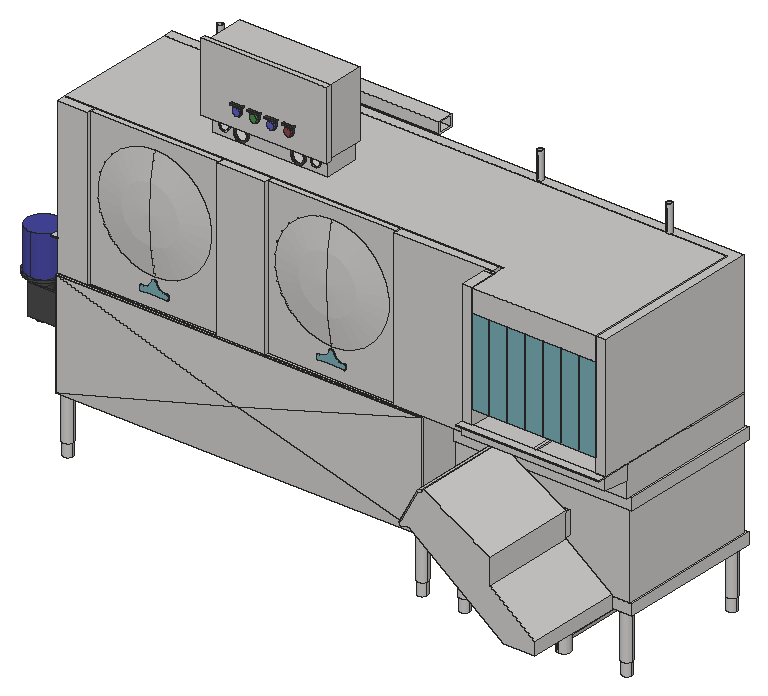
Revit family (continued)
Dimensions and locks (in)
  locked: plane 6 "FRONT" to plane 17 at 0.5
  locked: plane 3 "BACK" to plane 18 at 0.5
  locked: plane 19 to plane 2 "LEFT" at 0.25
  locked: plane 5 "Right of Main Body" to plane 20 at 0.25
  locked: plane 3 "BACK" to plane 21 at 1.625
  locked: plane 6 "FRONT" to plane 22 at 1.625
  equal spacing: plane 2 "LEFT", plane 23 "Door Center", plane 5 "Right of Main Body"
  "Single Door Opening": plane 24 to plane 25
  locked: plane 14 "Top of Machine" to plane 26 "Top of Opening" at 4
  locked: plane 23 "Door Center" to Blend 6 sketch curve at 0.03125  (x2)
  locked: Extrusion 9 sketch curve to plane 22 at 1.125
  locked: plane 27 to level at 2.25
  plane 19 to Extrusion 10 sketch curve = 0' - 1 1/4"
  plane 18 to Extrusion 10 sketch curve = 0' - 1 1/2"
  locked: plane 18 to Extrusion 11 sketch curve at 1.5
  locked: plane 19 to Extrusion 11 sketch curve at 1.25
  locked: plane 18 to Extrusion 12 sketch curve at 1.5
  locked: Extrusion 12 sketch curve to plane 20 at 1.25
  locked: Extrusion 13 sketch curve to plane 20 at 1.25
  locked: plane 18 to Extrusion 13 sketch curve at 1.5
  locked: Extrusion 16 sketch curve to plane 20 at 1.25
  locked: Extrusion 16 sketch curve to plane 17 at 1.5
  locked: Extrusion 17 sketch curve to plane 20 at 1.25
  locked: Extrusion 17 sketch curve to plane 17 at 1.5
  locked: Extrusion 14 sketch curve to plane 17 at 1.5
  locked: plane 19 to Extrusion 14 sketch curve at 1.25
  locked: Extrusion 15 sketch curve to plane 17 at 1.5
  locked: plane 19 to Extrusion 15 sketch curve at 1.25
  locked: plane 28 to plane 23 "Door Center" at 10
  locked: plane 28 to plane 29 at 20
  locked: plane 30 to plane 23 "Door Center" at 11
  locked: plane 30 to plane 31 at 22
  plane 32 "Front of Lower Panel" to plane 6 "FRONT" = 0' - 6 1/2"
  locked: plane 33 to plane 32 "Front of Lower Panel" at 6
  locked: plane 34 to plane 6 "FRONT" at 6
  locked: plane 35 "Back of Panel" to plane 34 at 7
  locked: plane 34 to plane 36 "Front of Upper Panel" at 1
  locked: plane 30 to plane 37 at 0.5
  locked: plane 38 to plane 31 at 0.5
  locked: Extrusion 22 sketch curve to plane 28 at 5
  locked: Extrusion 22 sketch curve to plane 14 "Top of Machine" at 1.5
  locked: Extrusion 23 sketch curve to plane 28 at 2
  locked: Extrusion 23 sketch curve to plane 14 "Top of Machine" at 1.75
  locked: Extrusion 26 sketch curve to plane 29 at 5
  locked: Extrusion 26 sketch curve to plane 14 "Top of Machine" at 1.5
  locked: Extrusion 27 sketch curve to plane 29 at 2
  locked: Extrusion 27 sketch curve to plane 14 "Top of Machine" at 1.75
  locked: Extrusion 36 sketch curve to plane 15 "Panel Top" at 4.12493
  locked: plane 10 "Left End Cowl" to plane 39 at 0.125
  locked: plane 40 to plane 11 at 3.875
  locked: plane 41 to plane 42 at 24.875
  locked: plane 42 to plane 6 "FRONT" at 0.0625
  plane 43 "Top of Vents" to plane 14 "Top of Machine" = 0' - 4"
  locked: Extrusion 41 sketch curve to plane 3 "BACK" at 0.75
  locked: plane 44 to plane 23 "Door Center" at 14.5
  locked: plane 44 to plane 45 at 29
  locked: plane 47 to plane 14 "Top of Machine" at 2
  locked: plane 46 to plane 3 "BACK" at 3
  Extrusion 44 sketch curve to plane 14 "Top of Machine" = 1' - 1"
  locked: plane 31 to Extrusion 44 sketch curve at 1
  Extrusion 45 sketch curve to plane 3 "BACK" = 0' - 3 1/2"
  locked: plane 48 to plane 3 "BACK" at 5
  locked: plane 49 to plane 14 "Top of Machine" at 29
  "Single Door Opening": plane 50 to plane 51
  locked: Extrusion 55 sketch curve to plane 3 "BACK" at 0.75
  locked: plane 2 "LEFT" to Extrusion 45 sketch curve at 5
  locked: plane 2 "LEFT" to Extrusion 41 sketch curve at 9
  locked: plane 39 to plane 40 at 2.9375
  plane 10 "Left End Cowl" to plane 2 "LEFT" = 0' - 10"
  locked: plane 2 "LEFT" to plane 24 at 5.25
  plane 51 to plane 5 "Right of Main Body" = 0' - 5 1/4"
  locked: plane 24 to plane 52 at 0.25
  locked: plane 53 to plane 25 at 0.125
  locked: plane 54 to plane 25 at 1.4375
  locked: plane 50 to plane 55 at 0.125
  locked: plane 50 to plane 56 at 1.4375
  locked: plane 57 to plane 51 at 0.25
  "Width": plane 2 "LEFT" to plane 58 "RIGHT"
  Extrusion 55 sketch curve to plane 58 "RIGHT" = 2' - 11"
  locked: plane 5 "Right of Main Body" to plane 58 "RIGHT" at 36
  plane 60 to plane 3 "BACK" = 3' - 7"
  aligned and locked: level to plane 1
  aligned and locked: Extrusion 1 sketch curve to plane 18
  aligned and locked: Extrusion 1 sketch curve to plane 19
  aligned and locked: plane 20 to Extrusion 1 sketch curve
  aligned and locked: Extrusion 1 to plane 12 "Bottom of Machine"
  aligned and locked: plane 16 to Extrusion 1
  aligned and locked: plane 2 "LEFT" to Extrusion 2 sketch curve
  aligned and locked: Extrusion 2 sketch curve to plane 5 "Right of Main Body"
  aligned and locked: plane 6 "FRONT" to Extrusion 2 sketch curve
  aligned and locked: plane 3 "BACK" to Extrusion 2 sketch curve
  aligned and locked: plane 15 "Panel Top" to Extrusion 2
  aligned and locked: Extrusion 2 to plane 16
  aligned and locked: plane 2 "LEFT" to Extrusion 3 sketch curve
  aligned and locked: Extrusion 3 sketch curve to plane 6 "FRONT"
  aligned and locked: Extrusion 3 sketch curve to plane 9 "Left of Ledge"
  aligned and locked: Extrusion 3 sketch curve to plane 3 "BACK"
  aligned and locked: plane 3 "BACK" to Extrusion 4 sketch curve
  aligned and locked: Extrusion 4 sketch curve to plane 22
  aligned and locked: Extrusion 4 to plane 15 "Panel Top"
  aligned and locked: Extrusion 5 sketch curve to plane 24
  aligned and locked: plane 2 "LEFT" to Extrusion 5 sketch curve
  aligned and locked: plane 15 "Panel Top" to Extrusion 5 sketch curve
  aligned and locked: Extrusion 5 to plane 22
  aligned and locked: Extrusion 5 sketch curve to plane 14 "Top of Machine"
  aligned and locked: plane 2 "LEFT" to Blend 6 sketch curve
  aligned and locked: plane 12 "Bottom of Machine" to Blend 6 sketch curve
  aligned and locked: Blend 6 sketch curve to plane 15 "Panel Top"
  aligned and locked: Blend 6 sketch curve to plane 5 "Right of Main Body"
  aligned and locked: plane 6 "FRONT" to Extrusion 1 sketch curve
  aligned and locked: plane 2 "LEFT" to Extrusion 7 sketch curve
  aligned and locked: Extrusion 7 sketch curve to plane 6 "FRONT"
  aligned and locked: plane 17 to Extrusion 7 sketch curve
  aligned and locked: Extrusion 7 sketch curve to plane 5 "Right of Main Body"
  aligned and locked: Extrusion 7 to plane 12 "Bottom of Machine"
  aligned and locked: plane 15 "Panel Top" to Extrusion 7
  aligned and locked: Extrusion 8 sketch curve to plane 14 "Top of Machine"
  aligned: Extrusion 8 sketch curve to plane 5 "Right of Main Body"
  aligned and locked: plane 15 "Panel Top" to Extrusion 8 sketch curve
  aligned: Extrusion 8 to plane 22
  aligned and locked: Extrusion 9 sketch curve to plane 25
  aligned and locked: plane 22 to Extrusion 9 sketch curve
  aligned and locked: plane 24 to Extrusion 9 sketch curve
  aligned and locked: Extrusion 9 to plane 15 "Panel Top"
  aligned and locked: plane 27 to Extrusion 10
  aligned and locked: Extrusion 11 to plane 27
  aligned and locked: plane 12 "Bottom of Machine" to Extrusion 11
  aligned and locked: plane 2 "LEFT" to Extrusion 18 sketch curve  (x7)
  aligned and locked: Extrusion 18 sketch curve to plane 21
  aligned and locked: Extrusion 18 sketch curve to plane 22
  aligned and locked: Extrusion 19 sketch curve to plane 33
  aligned and locked: plane 32 "Front of Lower Panel" to Extrusion 19 sketch curve
  aligned and locked: plane 28 to Extrusion 19 sketch curve
  aligned and locked: plane 29 to Extrusion 19 sketch curve
  aligned and locked: Extrusion 20 sketch curve to plane 35 "Back of Panel"
  aligned and locked: plane 34 to Extrusion 20 sketch curve
  aligned and locked: plane 37 to Extrusion 20 sketch curve
  aligned and locked: Extrusion 20 sketch curve to plane 38
  aligned and locked: Extrusion 21 sketch curve to plane 34
  aligned and locked: plane 36 "Front of Upper Panel" to Extrusion 21 sketch curve
  aligned and locked: plane 30 to Extrusion 21 sketch curve
  aligned and locked: Extrusion 21 sketch curve to plane 31
  aligned and locked: Extrusion 24 sketch curve to Extrusion 23  (x2)
  aligned and locked: Extrusion 25 sketch curve to Extrusion 22  (x2)
  aligned and locked: Extrusion 28 sketch curve to Extrusion 27  (x2)
  aligned and locked: Extrusion 29 sketch curve to Extrusion 26  (x2)
  aligned and locked: Extrusion 37 sketch curve to plane 3 "BACK"
  aligned and locked: plane 14 "Top of Machine" to Extrusion 37 sketch curve
  aligned and locked: Extrusion 37 sketch curve to plane 21
  aligned and locked: plane 6 "FRONT" to Extrusion 37 sketch curve
  aligned and locked: Extrusion 37 sketch curve to plane 22
  aligned and locked: Extrusion 37 to plane 39
  aligned and locked: plane 39 to Extrusion 38
  aligned and locked: Extrusion 39 sketch curve to plane 41
  aligned and locked: plane 40 to Extrusion 39 sketch curve
  aligned and locked: Extrusion 39 sketch curve to plane 11
  aligned and locked: plane 42 to Extrusion 39 sketch curve
  aligned and locked: plane 43 "Top of Vents" to Extrusion 39
  aligned and locked: Extrusion 40 sketch curve to Extrusion 39  (x4)
  aligned and locked: Extrusion 42 to plane 44
  aligned and locked: Extrusion 42 to plane 45
  aligned and locked: Extrusion 43 to plane 45
  aligned and locked: Extrusion 43 to plane 44
  aligned and locked: plane 2 "LEFT" to curve 2
  aligned and locked: plane 3 "BACK" to curve 1
  aligned and locked: plane 6 "FRONT" to curve 3
  aligned and locked: curve 5 to plane 10 "Left End Cowl"
  aligned and locked: curve 6 to plane 6 "FRONT"
  aligned and locked: plane 44 to curve 7
  aligned and locked: plane 45 to curve 9
  aligned and locked: curve 8 to plane 46
  aligned and locked: curve 11 to plane 35 "Back of Panel"
  aligned and locked: plane 34 to curve 13
  aligned and locked: plane 37 to curve 12
  aligned and locked: curve 14 to plane 38
  aligned and locked: plane 30 to curve 18
  aligned and locked: plane 36 "Front of Upper Panel" to curve 17
  aligned and locked: curve 16 to plane 31
  aligned and locked: curve 20 to plane 41
  aligned and locked: curve 23 to plane 11
  aligned and locked: plane 40 to curve 21
  aligned and locked: plane 42 to curve 22
  aligned and locked: Extrusion 46 sketch curve to plane 18  (x2)
  aligned and locked: Extrusion 46 sketch curve to plane 48
  aligned and locked: plane 45 to Extrusion 46 sketch curve
  aligned and locked: Extrusion 46 sketch curve to plane 46
  aligned and locked: plane 44 to Extrusion 46 sketch curve
  aligned: plane 43 "Top of Vents" to Extrusion 46
  aligned and locked: plane 4 "TOP" to Extrusion 46
  aligned and locked: plane 14 "Top of Machine" to Extrusion 47 sketch curve
  aligned and locked: Extrusion 47 sketch curve to plane 25
  aligned and locked: plane 24 to Extrusion 47 sketch curve
  aligned and locked: Extrusion 47 sketch curve to plane 49
  aligned and locked: Extrusion 47 to plane 22
  aligned and locked: Extrusion 46 sketch curve to plane 9 "Left of Ledge"
  aligned and locked: plane 10 "Left End Cowl" to Extrusion 48 sketch curve
  aligned and locked: plane 18 to Extrusion 48 sketch curve
  aligned and locked: Extrusion 48 sketch curve to plane 9 "Left of Ledge"
  aligned and locked: Extrusion 48 sketch curve to plane 48
  aligned and locked: plane 4 "TOP" to Extrusion 48
  aligned and locked: plane 10 "Left End Cowl" to curve 24
  aligned and locked: Extrusion 50 sketch curve to plane 51
  aligned and locked: plane 50 to Extrusion 50 sketch curve
  aligned and locked: Extrusion 52 sketch curve to plane 51
  aligned and locked: plane 50 to Extrusion 52 sketch curve
  aligned and locked: plane 51 to Extrusion 8 sketch curve
  aligned and locked: plane 25 to Extrusion 54 sketch curve
  aligned and locked: Extrusion 54 sketch curve to plane 50
  aligned and locked: Extrusion 54 sketch curve to plane 14 "Top of Machine"
  aligned and locked: plane 15 "Panel Top" to Extrusion 54 sketch curve
  aligned and locked: Extrusion 54 to plane 22
  aligned and locked: Extrusion 54 to plane 6 "FRONT"
  aligned and locked: Extrusion 56 sketch curve to Extrusion 45  (x2)
  aligned and locked: Extrusion 60 sketch curve to Extrusion 58
  aligned and locked: Blend 61 sketch curve to Extrusion 60  (x2)
  aligned and locked: Extrusion 70 sketch curve to Extrusion 68  (x2)
  aligned and locked: plane 2 "LEFT" to cut or joined group of Extrusion 37, Extrusion 40
  aligned and locked: plane 22 to Extrusion 80 sketch curve
  aligned and locked: plane 52 to Extrusion 80 sketch curve
  aligned and locked: plane 6 "FRONT" to Extrusion 80 sketch curve
  aligned and locked: Extrusion 80 sketch curve to plane 53
  aligned and locked: plane 55 to Extrusion 81 sketch curve
  aligned and locked: plane 6 "FRONT" to Extrusion 81 sketch curve
  aligned and locked: Extrusion 81 sketch curve to plane 57
  aligned and locked: plane 22 to Extrusion 81 sketch curve
  aligned and locked: Extrusion 80 to plane 15 "Panel Top"
  aligned and locked: Extrusion 81 to plane 15 "Panel Top"
  aligned and locked: plane 24 to curve 41
  aligned and locked: plane 51 to curve 43
  aligned and locked: Extrusion 104 sketch curve to Extrusion 103  (x2)
  aligned and locked: Extrusion 101 to plane 60
  aligned and locked: Extrusion 99 to plane 60
  aligned and locked: plane 60 to curve 58
Automatic sketch dimensions
  Extrusion 30 sketch curve to Extrusion 30 sketch curve = 0' - 1"  (x3)
  Extrusion 30 sketch curve to Extrusion 30 sketch curve = 0' - 2"  (x4)
  Extrusion 30 sketch curve to Extrusion 30 sketch curve = 0' - 0 1/4"  (x5)
  Extrusion 30 sketch curve to Extrusion 30 sketch curve = 0' - 0"  (x2)
  Extrusion 35 sketch curve to Extrusion 35 sketch curve = 0' - 1 1/2"  (x3)
  Extrusion 35 sketch curve to Extrusion 35 sketch curve = 0' - 0 3/4"  (x4)
  Extrusion 35 sketch curve to Extrusion 35 sketch curve = 0' - 0"  (x3)
  Extrusion 35 sketch curve to Extrusion 35 sketch curve = 0' - 0 7/8"  (x4)
  Extrusion 74 sketch curve to Extrusion 74 sketch curve = 0' - 1"  (x3)
  Extrusion 74 sketch curve to Extrusion 74 sketch curve = 0' - 2"  (x4)
  Extrusion 74 sketch curve to Extrusion 74 sketch curve = 0' - 0 1/4"  (x5)
  Extrusion 74 sketch curve to Extrusion 74 sketch curve = 0' - 0"  (x2)
  Extrusion 79 sketch curve to Extrusion 79 sketch curve = 0' - 1 1/2"  (x3)
  Extrusion 79 sketch curve to Extrusion 79 sketch curve = 0' - 0 3/4"  (x4)
  Extrusion 79 sketch curve to Extrusion 79 sketch curve = 0' - 0"  (x3)
  Extrusion 79 sketch curve to Extrusion 79 sketch curve = 0' - 0 7/8"  (x4)
  Extrusion 22 sketch curve to Extrusion 22 sketch curve = 0' - 0"  (x2)
  Extrusion 23 sketch curve to Extrusion 23 sketch curve = 0' - 0"  (x2)
  Extrusion 26 sketch curve to Extrusion 26 sketch curve = 0' - 0"  (x2)
  Extrusion 27 sketch curve to Extrusion 27 sketch curve = 0' - 0"  (x2)
  plane 42 to Extrusion 39 sketch curve = 0' - 0 1/8"
  Extrusion 39 sketch curve to plane 41 = 0' - 0 1/8"
  Extrusion 39 sketch curve to plane 11 = 0' - 0 1/8"
  plane 40 to Extrusion 39 sketch curve = 0' - 0 1/8"
  Extrusion 42 sketch curve to plane 47 = 0' - 0"
  Extrusion 42 sketch curve to plane 14 "Top of Machine" = 0' - 0"
  Extrusion 42 sketch curve to plane 46 = 0' - 0"
  Extrusion 42 sketch curve to plane 46 = 0' - 0 1/8"
  Extrusion 42 sketch curve to plane 18 = 0' - 0 1/8"
  Extrusion 42 sketch curve to Extrusion 42 sketch curve = 0' - 0 1/8"
  plane 14 "Top of Machine" to Extrusion 42 sketch curve = 0' - 0 1/8"
  Extrusion 42 sketch curve to plane 47 = 0' - 0 1/8"
  Extrusion 43 sketch curve to plane 3 "BACK" = 0' - 0"
  Extrusion 43 sketch curve to plane 14 "Top of Machine" = 0' - 0"
  Extrusion 43 sketch curve to plane 3 "BACK" = 0' - 0 1/4"
  Extrusion 43 sketch curve to Extrusion 43 sketch curve = 0' - 0 1/8"
  Extrusion 52 sketch curve to plane 14 "Top of Machine" = 0' - 0"
  Extrusion 52 sketch curve to plane 49 = 0' - 0"
  Extrusion 59 sketch curve to plane 36 "Front of Upper Panel" = 0' - 0 3/16"
  plane 40 to Extrusion 59 sketch curve = 0' - 0 11/16"
  Blend 61 sketch curve to plane 36 "Front of Upper Panel" = 0' - 0 3/16"
  plane 40 to Blend 61 sketch curve = 0' - 0 11/16"
  Extrusion 62 sketch curve to plane 36 "Front of Upper Panel" = 0' - 0 3/16"
  plane 40 to Extrusion 62 sketch curve = 0' - 0 11/16"
  Extrusion 63 sketch curve to plane 36 "Front of Upper Panel" = 0' - 0 3/16"
  plane 40 to Extrusion 63 sketch curve = 0' - 0 11/16"
  Blend 71 sketch curve to plane 9 "Left of Ledge" = 0' - 0 5/16"
  Blend 71 sketch curve to plane 33 = 0' - 2 1/4"
  plane 35 "Back of Panel" to Blend 71 sketch curve = 0' - 1 3/4"
  plane 40 to Blend 71 sketch curve = 0' - 0 1/4"
  plane 11 to Blend 71 sketch curve = 0' - 0 1/4"
  Blend 71 sketch curve to plane 33 = 0' - 1 1/4"
  plane 35 "Back of Panel" to Blend 71 sketch curve = 0' - 0 3/4"
  plane 40 to Blend 71 sketch curve = 0' - 1 1/4"
  Blend 72 sketch curve to plane 40 = 0' - 0 1/2"
  plane 32 "Front of Lower Panel" to Blend 72 sketch curve = 0' - 3"
  plane 35 "Back of Panel" to Blend 72 sketch curve = 0' - 2 1/2"
  plane 9 "Left of Ledge" to Blend 72 sketch curve = 0' - 0 7/16"
  Blend 72 sketch curve to plane 9 "Left of Ledge" = 0' - 0 9/16"
  Blend 72 sketch curve to plane 33 = 0' - 2"
  plane 35 "Back of Panel" to Blend 72 sketch curve = 0' - 1 1/2"
  plane 40 to Blend 72 sketch curve = 0' - 0 1/2"
  plane 24 to Extrusion 82 sketch curve = 0' - 0.00337"
  plane 17 to Extrusion 82 sketch curve = 0' - 0.24755"
  plane 24 to Extrusion 83 sketch curve = 0' - 0.00337"
  plane 17 to Extrusion 83 sketch curve = 0' - 0.24755"
  plane 51 to Extrusion 85 sketch curve = 0' - 0.00337"
  plane 17 to Extrusion 85 sketch curve = 0' - 0.24755"
  plane 51 to Extrusion 86 sketch curve = 0' - 0.00337"
  plane 17 to Extrusion 86 sketch curve = 0' - 0.24755"
  Extrusion 55 sketch curve to Extrusion 55 sketch curve = 0' - 0"  (x2)
  Extrusion 46 sketch curve to plane 20 = 3' - 0 3/8"
  plane 16 to Blend 6 sketch curve = 0' - 7 7/32"
  Blend 6 sketch curve to Blend 6 sketch curve = 0' - 0 1/16"
  plane 36 "Front of Upper Panel" to Extrusion 18 sketch curve = 0' - 0 3/8"
  Extrusion 18 sketch curve to Extrusion 18 sketch curve = 0' - 0 1/8"  (x6)
  Extrusion 18 sketch curve to plane 32 "Front of Lower Panel" = 0' - 1 1/4"
  plane 33 to Extrusion 18 sketch curve = 0' - 1 5/8"
  Extrusion 18 sketch curve to plane 2 "LEFT" = 0' - 0 1/8"  (x7)
  Extrusion 18 sketch curve to plane 35 "Back of Panel" = 0' - 1"
  Extrusion 18 sketch curve to Extrusion 18 sketch curve = 0' - 3"  (x2)
  plane 44 to Extrusion 36 sketch curve = 0' - 1.49793"
  Extrusion 36 sketch curve to Extrusion 36 sketch curve = 0' - 0.25142"  (x2)
  Extrusion 36 sketch curve to Extrusion 36 sketch curve = 0' - 0.25483"
  plane 44 to Extrusion 36 sketch curve = 0' - 0.94306"
  Extrusion 36 sketch curve to plane 44 = 0' - 0.38874"
  Extrusion 36 sketch curve to plane 44 = 0' - 0.58031"
  Extrusion 36 sketch curve to Extrusion 36 sketch curve = 0' - 0.41934"
  Extrusion 36 sketch curve to plane 44 = 0' - 1"
  Extrusion 36 sketch curve to Extrusion 36 sketch curve = 0' - 0.42496"
  Extrusion 36 sketch curve to Extrusion 36 sketch curve = 0' - 0"
  Extrusion 36 sketch curve to Extrusion 36 sketch curve = 0' - 1.22253"
  Extrusion 36 sketch curve to Extrusion 36 sketch curve = 0' - 1.51845"
  Extrusion 36 sketch curve to Extrusion 36 sketch curve = 0' - 1.63184"
  Extrusion 36 sketch curve to Extrusion 36 sketch curve = 0' - 0.00341"
  Extrusion 36 sketch curve to plane 13 "Table Height" = 0' - 2.43574"  (x2)
  Extrusion 36 sketch curve to Extrusion 36 sketch curve = 0' - 0.48493"  (x2)
  Extrusion 36 sketch curve to Extrusion 36 sketch curve = 0' - 0.08323"
  plane 16 to Extrusion 36 sketch curve = 0' - 6.6719"
  plane 42 to Extrusion 37 sketch curve = 0' - 0 1/16"
  Extrusion 37 sketch curve to plane 41 = 0' - 0 1/16"
  Extrusion 37 sketch curve to plane 14 "Top of Machine" = 0' - 0 1/8"
  Extrusion 37 sketch curve to plane 26 "Top of Opening" = 0' - 0.88572"
  Extrusion 37 sketch curve to Extrusion 37 sketch curve = 0' - 0.05178"  (x2)
  Extrusion 37 sketch curve to Extrusion 37 sketch curve = 0' - 1 1/2"  (x2)
  Extrusion 37 sketch curve to Extrusion 37 sketch curve = 0' - 0.17678"  (x2)
  plane 13 "Table Height" to Extrusion 37 sketch curve = 0' - 5.17678"
  Extrusion 38 sketch curve to plane 6 "FRONT" = 0' - 0"
  Extrusion 38 sketch curve to plane 22 = 0' - 0"
  Extrusion 38 sketch curve to plane 21 = 0' - 0"
  Extrusion 38 sketch curve to plane 3 "BACK" = 0' - 0"
  Extrusion 38 sketch curve to plane 26 "Top of Opening" = 0' - 0"
  Extrusion 38 sketch curve to plane 14 "Top of Machine" = 0' - 0"
  Extrusion 38 sketch curve to plane 26 "Top of Opening" = 0' - 0 15/16"
  Extrusion 38 sketch curve to Extrusion 38 sketch curve = 0' - 1 5/8"  (x2)
  plane 13 "Table Height" to Extrusion 38 sketch curve = 0' - 5 1/8"
  Extrusion 41 sketch curve to Extrusion 41 sketch curve = 0' - 0"  (x2)
  Extrusion 45 sketch curve to Extrusion 45 sketch curve = 0' - 0"  (x2)
  Revolve 49 sketch curve to plane 17 = 0' - 0"
  Revolve 49 sketch curve to plane 17 = 0' - 10 3/4"
  plane 42 to Revolve 49 sketch curve = 0' - 0 7/16"
  plane 32 "Front of Lower Panel" to Revolve 49 sketch curve = 0' - 2 3/4"
  Revolve 49 sketch curve to plane 26 "Top of Opening" = 0' - 7.74993"
  plane 48 to Revolve 49 sketch curve = 1' - 5.49935"
  Revolve 49 sketch curve to plane 26 "Top of Opening" = 0' - 8"  (x2)
  plane 22 to Extrusion 50 sketch curve = 0' - 0"
  plane 42 to Extrusion 50 sketch curve = 0' - 0 7/16"
  Extrusion 51 sketch curve to plane 45 = 0' - 3.49793"
  Extrusion 51 sketch curve to Extrusion 51 sketch curve = 0' - 0.25142"  (x2)
  Extrusion 51 sketch curve to Extrusion 51 sketch curve = 0' - 0.25483"
  Extrusion 51 sketch curve to Extrusion 51 sketch curve = 0' - 0.30345"
  Extrusion 51 sketch curve to plane 45 = 0' - 1.61126"
  Extrusion 51 sketch curve to plane 45 = 0' - 1.41969"
  Extrusion 51 sketch curve to Extrusion 51 sketch curve = 0' - 0.41934"
  Extrusion 51 sketch curve to plane 45 = 0' - 1"
  Extrusion 51 sketch curve to Extrusion 51 sketch curve = 0' - 0.42496"
  Extrusion 51 sketch curve to Extrusion 51 sketch curve = 0' - 0"
  Extrusion 51 sketch curve to plane 45 = 0' - 0.38874"
  plane 45 to Extrusion 51 sketch curve = 0' - 0.94306"
  plane 45 to Extrusion 51 sketch curve = 0' - 1.2431"
  Extrusion 51 sketch curve to Extrusion 51 sketch curve = 0' - 0.00341"
  plane 16 to Extrusion 51 sketch curve = 0' - 6.6719"
  plane 15 "Panel Top" to Extrusion 51 sketch curve = 0' - 2.07309"  (x2)
  Extrusion 51 sketch curve to Extrusion 51 sketch curve = 0' - 0.08323"
  Extrusion 51 sketch curve to Extrusion 51 sketch curve = 0' - 0.48493"  (x2)
  Extrusion 51 sketch curve to plane 13 "Table Height" = 0' - 1.37507"
  Revolve 53 sketch curve to plane 17 = 0' - 0"
  Revolve 53 sketch curve to plane 17 = 0' - 10 3/4"
  plane 42 to Revolve 53 sketch curve = 0' - 0 7/16"
  plane 32 "Front of Lower Panel" to Revolve 53 sketch curve = 0' - 2 3/4"
  Revolve 53 sketch curve to plane 26 "Top of Opening" = 0' - 7.74993"
  plane 48 to Revolve 53 sketch curve = 1' - 5.49935"
  Revolve 53 sketch curve to plane 26 "Top of Opening" = 0' - 8"  (x2)
  plane 19 to Extrusion 57 sketch curve = 0' - 0"
  Extrusion 57 sketch curve to plane 2 "LEFT" = 0' - 0"
  Extrusion 57 sketch curve to plane 16 = 0' - 0"
  Extrusion 57 sketch curve to plane 9 "Left of Ledge" = 0' - 0 1/8"
  Extrusion 57 sketch curve to plane 15 "Panel Top" = 0' - 4 9/16"
  plane 12 "Bottom of Machine" to Extrusion 57 sketch curve = 0' - 0 15/16"
  Extrusion 58 sketch curve to plane 22 = 0' - 1 5/8"
  plane 40 to Extrusion 58 sketch curve = 0' - 0 11/16"
  Extrusion 58 sketch curve to plane 36 "Front of Upper Panel" = 0' - 1 1/2"
  Extrusion 58 sketch curve to plane 36 "Front of Upper Panel" = 0' - 0 3/16"
  Extrusion 58 sketch curve to plane 32 "Front of Lower Panel" = 0' - 0 1/8"
  Extrusion 58 sketch curve to Extrusion 58 sketch curve = 0' - 0"
  Extrusion 58 sketch curve to plane 9 "Left of Ledge" = 0' - 0 3/8"
  Extrusion 58 sketch curve to plane 9 "Left of Ledge" = 0' - 0 1/8"
  Extrusion 58 sketch curve to plane 40 = 0' - 0 15/16"
  Extrusion 64 sketch curve to plane 2 "LEFT" = 0' - 0"
  Extrusion 64 sketch curve to plane 11 = 0' - 1 3/16"
  plane 40 to Extrusion 64 sketch curve = 0' - 1 7/16"
  Extrusion 64 sketch curve to plane 13 "Table Height" = 0' - 0 13/16"
  Extrusion 64 sketch curve to Extrusion 64 sketch curve = 0' - 0 3/4"
  Extrusion 64 sketch curve to Extrusion 64 sketch curve = 0' - 1 1/2"
  Extrusion 65 sketch curve to plane 16 = 0' - 0"
  plane 19 to Extrusion 65 sketch curve = 0' - 0"
  Extrusion 65 sketch curve to plane 2 "LEFT" = 0' - 0"
  plane 11 to Extrusion 65 sketch curve = 0' - 0 5/16"
  plane 16 to Extrusion 65 sketch curve = 0' - 0 7/16"
  Extrusion 65 sketch curve to plane 12 "Bottom of Machine" = 0' - 1 9/16"
  Extrusion 66 sketch curve to Extrusion 66 sketch curve = 0' - 0"  (x2)
  plane 12 "Bottom of Machine" to Extrusion 66 sketch curve = 0' - 0 7/16"
  Extrusion 66 sketch curve to plane 11 = 0' - 1 3/16"
  Extrusion 66 sketch curve to plane 11 = 0' - 0 9/16"  (x2)
  Extrusion 66 sketch curve to plane 12 "Bottom of Machine" = 0' - 0 5/16"
  Extrusion 66 sketch curve to plane 11 = 0' - 0 3/16"  (x2)
  plane 11 to Extrusion 66 sketch curve = 0' - 0 1/16"  (x2)
  Extrusion 66 sketch curve to Extrusion 66 sketch curve = 0' - 0 1/4"
  Extrusion 66 sketch curve to plane 16 = 0' - 0 1/8"
  Extrusion 66 sketch curve to Extrusion 66 sketch curve = 0' - 0 5/16"
  Extrusion 67 sketch curve to Extrusion 67 sketch curve = 0' - 0"  (x2)
  plane 12 "Bottom of Machine" to Extrusion 67 sketch curve = 0' - 0 7/16"
  Extrusion 67 sketch curve to plane 11 = 0' - 1 3/16"
  Extrusion 67 sketch curve to plane 11 = 0' - 0 9/16"  (x2)
  Extrusion 67 sketch curve to plane 12 "Bottom of Machine" = 0' - 0 5/16"
  Extrusion 67 sketch curve to plane 11 = 0' - 0 3/16"  (x2)
  plane 11 to Extrusion 67 sketch curve = 0' - 0 1/16"  (x2)
  Extrusion 67 sketch curve to Extrusion 67 sketch curve = 0' - 0 1/4"
  Extrusion 67 sketch curve to plane 16 = 0' - 0 1/8"
  Extrusion 67 sketch curve to Extrusion 67 sketch curve = 0' - 0 5/16"
  Extrusion 68 sketch curve to Extrusion 68 sketch curve = 0' - 0"  (x6)
  plane 15 "Panel Top" to Extrusion 68 sketch curve = 0' - 0 3/16"
  plane 40 to Extrusion 68 sketch curve = 0' - 1 1/4"
  Extrusion 68 sketch curve to plane 11 = 0' - 1.92562"
  Extrusion 68 sketch curve to Extrusion 68 sketch curve = 0' - 0.36312"  (x2)
  Extrusion 68 sketch curve to Extrusion 68 sketch curve = 0' - 0 3/8"
  plane 11 to Extrusion 68 sketch curve = 0' - 0 1/4"
  Extrusion 68 sketch curve to plane 13 "Table Height" = 0' - 1 9/16"
  Extrusion 68 sketch curve to Extrusion 68 sketch curve = 0' - 0.13295"
  Extrusion 69 sketch curve to Extrusion 69 sketch curve = 0' - 0"  (x6)
  plane 15 "Panel Top" to Extrusion 69 sketch curve = 0' - 0 3/16"
  plane 40 to Extrusion 69 sketch curve = 0' - 1 1/4"
  Extrusion 69 sketch curve to plane 11 = 0' - 1.92562"
  Extrusion 69 sketch curve to Extrusion 69 sketch curve = 0' - 0.36312"  (x2)
  Extrusion 69 sketch curve to Extrusion 69 sketch curve = 0' - 0 3/8"
  plane 11 to Extrusion 69 sketch curve = 0' - 0 1/4"
  Extrusion 69 sketch curve to plane 13 "Table Height" = 0' - 1 9/16"
  Extrusion 69 sketch curve to Extrusion 69 sketch curve = 0' - 0.13295"
  Extrusion 73 sketch curve to Extrusion 73 sketch curve = 0' - 0"  (x2)
  plane 12 "Bottom of Machine" to Extrusion 73 sketch curve = 0' - 0 7/16"
  Extrusion 73 sketch curve to plane 11 = 0' - 1 11/16"
  Extrusion 73 sketch curve to Extrusion 73 sketch curve = 0' - 0 1/2"
  Sweep 84 sketch curve to plane 17 = 0' - 0.62745"
  Sweep 84 sketch curve to plane 17 = 0' - 0.12745"  (x2)
  Sweep 84 sketch curve to plane 6 "FRONT" = 0' - 0.00245"  (x2)
  plane 13 "Table Height" to Sweep 84 sketch curve = 0' - 3 13/16"
  Sweep 84 sketch curve to plane 26 "Top of Opening" = 0' - 4 15/16"
  Sweep 84 sketch curve to plane 54 = 0' - 0"
  Sweep 84 sketch curve to profile plane = 0' - 0"
  Sweep 87 sketch curve to plane 17 = 0' - 0.62745"
  Sweep 87 sketch curve to plane 17 = 0' - 0.12745"  (x2)
  Sweep 87 sketch curve to plane 6 "FRONT" = 0' - 0.00245"  (x2)
  plane 13 "Table Height" to Sweep 87 sketch curve = 0' - 3 13/16"
  Sweep 87 sketch curve to plane 26 "Top of Opening" = 0' - 4 15/16"
  Sweep 87 sketch curve to plane 56 = 0' - 0"
  Sweep 87 sketch curve to profile plane = 0' - 0"
  curve 45 to plane 58 "RIGHT" = 0' - 0"
  curve 45 to plane 59 = 0' - 10 1/2"
  curve 48 to plane 58 "RIGHT" = 0' - 0 1/16"
  curve 45 to curve 48 = 0' - 3 1/16"
  curve 51 to plane 59 = 0' - 3 9/16"
  curve 47 to plane 59 = 0' - 0 3/4"
  curve 45 to plane 59 = 0' - 0 1/2"
  curve 49 to plane 20 = 0' - 10 13/16"
  curve 49 to curve 46 = 0' - 0 1/16"
  plane 22 to Extrusion 89 sketch curve = 0' - 0"
  plane 21 to Extrusion 89 sketch curve = 0' - 0"
  Extrusion 89 sketch curve to plane 59 = 0' - 0 1/2"
  Extrusion 89 sketch curve to plane 58 "RIGHT" = 0' - 1 5/8"
  Extrusion 89 sketch curve to plane 20 = 1' - 0 3/8"
  Extrusion 89 sketch curve to plane 30 = 1' - 9"
  Extrusion 90 sketch curve to plane 21 = 0' - 0"
  plane 3 "BACK" to Extrusion 90 sketch curve = 0' - 0"
  Extrusion 90 sketch curve to plane 59 = 0' - 0 1/2"
  Extrusion 90 sketch curve to plane 58 "RIGHT" = 0' - 0"
  Extrusion 90 sketch curve to plane 58 "RIGHT" = 0' - 1 5/8"
  Extrusion 90 sketch curve to plane 30 = 1' - 9"
  Extrusion 91 sketch curve to plane 59 = 0' - 0 1/2"
  Extrusion 91 sketch curve to plane 20 = 0' - 10 3/4"
  Extrusion 91 sketch curve to plane 58 "RIGHT" = 0' - 0"
  Extrusion 91 sketch curve to Extrusion 91 sketch curve = 0' - 1 1/2"
  Extrusion 92 sketch curve to plane 14 "Top of Machine" = 0' - 0"
  Extrusion 92 sketch curve to plane 20 = 0' - 10 3/4"
  Extrusion 92 sketch curve to Extrusion 92 sketch curve = 0' - 0 1/8"  (x2)
  plane 13 "Table Height" to Extrusion 92 sketch curve = 0' - 3 1/2"
  Extrusion 92 sketch curve to Extrusion 92 sketch curve = 0' - 1 1/2"  (x2)
  Extrusion 92 sketch curve to plane 58 "RIGHT" = 0' - 1 5/8"
  Extrusion 92 sketch curve to plane 58 "RIGHT" = 0' - 0 1/8"
  Extrusion 92 sketch curve to plane 14 "Top of Machine" = 0' - 0 1/8"
  Extrusion 92 sketch curve to plane 26 "Top of Opening" = 0' - 0.88572"
  Extrusion 92 sketch curve to Extrusion 92 sketch curve = 0' - 0.05178"  (x2)
  Extrusion 92 sketch curve to Extrusion 92 sketch curve = 0' - 0.17678"  (x2)
  Extrusion 92 sketch curve to Extrusion 92 sketch curve = 0' - 1.67678"
  Extrusion 93 sketch curve to plane 14 "Top of Machine" = 0' - 0"
  Extrusion 93 sketch curve to plane 26 "Top of Opening" = 0' - 0"
  Extrusion 93 sketch curve to plane 20 = 0' - 10 3/4"
  plane 13 "Table Height" to Extrusion 93 sketch curve = 0' - 3 1/2"
  Extrusion 93 sketch curve to Extrusion 93 sketch curve = 0' - 1 5/8"  (x3)
  Extrusion 93 sketch curve to plane 58 "RIGHT" = 0' - 1 5/8"
  Extrusion 93 sketch curve to plane 58 "RIGHT" = 0' - 0"
  Extrusion 93 sketch curve to plane 26 "Top of Opening" = 0' - 0 15/16"
  Extrusion 94 sketch curve to plane 59 = 0' - 3 9/16"
  Extrusion 94 sketch curve to plane 20 = 0' - 10 13/16"
  Extrusion 94 sketch curve to Extrusion 94 sketch curve = 0' - 0 1/8"  (x4)
  Extrusion 94 sketch curve to plane 58 "RIGHT" = 0' - 0 3/16"
  Extrusion 94 sketch curve to Extrusion 94 sketch curve = 0' - 3 5/8"
  Extrusion 95 sketch curve to plane 59 = 0' - 0 1/2"  (x3)
  Extrusion 95 sketch curve to plane 20 = 1' - 0 3/8"
  Extrusion 95 sketch curve to Extrusion 95 sketch curve = 0' - 3"  (x6)
  Extrusion 95 sketch curve to Extrusion 95 sketch curve = 0' - 0 1/8"  (x11)
  Extrusion 95 sketch curve to plane 59 = 0' - 0 3/8"  (x4)
  Extrusion 95 sketch curve to plane 58 "RIGHT" = 0' - 1 5/8"
  Extrusion 95 sketch curve to Extrusion 95 sketch curve = 0' - 0"  (x2)
  Extrusion 96 sketch curve to plane 17 = 0' - 0"
  Extrusion 96 sketch curve to plane 59 = 0' - 0 11/16"
  Extrusion 96 sketch curve to plane 13 "Table Height" = 0' - 0 1/4"
  Extrusion 96 sketch curve to Extrusion 96 sketch curve = 0' - 1 7/8"
  Extrusion 96 sketch curve to Extrusion 96 sketch curve = 0' - 2 1/2"
  Extrusion 97 sketch curve to plane 17 = 0' - 0"
  Extrusion 97 sketch curve to plane 59 = 0' - 0 1/2"
  Extrusion 97 sketch curve to plane 20 = 1' - 0 3/8"
  Extrusion 97 sketch curve to Extrusion 97 sketch curve = 0' - 1 5/8"
  Extrusion 98 sketch curve to plane 15 "Panel Top" = 0' - 5 1/4"
  Extrusion 98 sketch curve to plane 58 "RIGHT" = 1' - 2 1/8"
  Extrusion 98 sketch curve to Extrusion 98 sketch curve = 0' - 4"  (x2)
  Extrusion 99 sketch curve to plane 20 = 0' - 9.9992"
  Extrusion 99 sketch curve to Extrusion 99 sketch curve = 0' - 0.22074"
  Extrusion 99 sketch curve to Extrusion 99 sketch curve = 0' - 0.05624"  (x2)
  Extrusion 99 sketch curve to plane 15 "Panel Top" = 0' - 5.19882"
  Extrusion 99 sketch curve to Extrusion 99 sketch curve = 0' - 1.05738"
  Extrusion 99 sketch curve to plane 15 "Panel Top" = 0' - 5.24241"
  Extrusion 99 sketch curve to Extrusion 99 sketch curve = 0' - 0.20624"
  plane 15 "Panel Top" to Extrusion 99 sketch curve = 0' - 0.66948"
  Extrusion 99 sketch curve to Extrusion 99 sketch curve = 0' - 1.51751"
  Extrusion 99 sketch curve to Extrusion 99 sketch curve = 0' - 0.82223"
  Extrusion 99 sketch curve to Extrusion 99 sketch curve = 0' - 0 3/16"
  plane 15 "Panel Top" to Extrusion 99 sketch curve = 0' - 1.49387"
  Extrusion 99 sketch curve to Extrusion 99 sketch curve = 0' - 0 3/32"
  Extrusion 99 sketch curve to plane 15 "Panel Top" = 0' - 5 1/8"
  Extrusion 99 sketch curve to plane 58 "RIGHT" = 0' - 10 1/8"
  plane 12 "Bottom of Machine" to Extrusion 99 sketch curve = 0' - 0 3/4"
  Extrusion 99 sketch curve to plane 58 "RIGHT" = 0' - 7.53342"
  plane 16 to Extrusion 99 sketch curve = 0' - 1"
  Extrusion 99 sketch curve to plane 58 "RIGHT" = 0' - 2 1/8"
  Extrusion 99 sketch curve to Extrusion 99 sketch curve = 0' - 0.36274"
  Extrusion 99 sketch curve to Extrusion 99 sketch curve = 0' - 0.11684"
  Extrusion 99 sketch curve to Extrusion 99 sketch curve = 0' - 0.11737"
  Extrusion 99 sketch curve to Extrusion 99 sketch curve = 0' - 4 3/8"
  plane 16 to Extrusion 100 sketch curve = 0' - 4.77187"
  Extrusion 100 sketch curve to plane 20 = 1' - 6.41658"
  plane 12 "Bottom of Machine" to Extrusion 100 sketch curve = 0' - 0 3/4"
  Extrusion 100 sketch curve to plane 58 "RIGHT" = 0' - 9.30426"
  Extrusion 100 sketch curve to Extrusion 100 sketch curve = 0' - 1.77083"
  Extrusion 100 sketch curve to Extrusion 100 sketch curve = 0' - 1 21/64"
  Extrusion 101 sketch curve to plane 20 = 0' - 9.83364"
  Extrusion 101 sketch curve to Extrusion 101 sketch curve = 0' - 0.05518"  (x2)
  Extrusion 101 sketch curve to plane 15 "Panel Top" = 0' - 5.05263"
  plane 15 "Panel Top" to Extrusion 101 sketch curve = 0' - 0.72001"
  Extrusion 101 sketch curve to Extrusion 101 sketch curve = 0' - 3.06937"
  plane 15 "Panel Top" to Extrusion 101 sketch curve = 0' - 1.11891"
  Extrusion 101 sketch curve to Extrusion 101 sketch curve = 0' - 0.07053"
  plane 15 "Panel Top" to Extrusion 101 sketch curve = 0' - 1.20708"
  Extrusion 101 sketch curve to Extrusion 101 sketch curve = 0' - 0.10142"
  Extrusion 101 sketch curve to Extrusion 101 sketch curve = 0' - 0.16555"
  plane 15 "Panel Top" to Extrusion 101 sketch curve = 0' - 1.01251"
  Extrusion 101 sketch curve to Extrusion 101 sketch curve = 0' - 0.56757"
  plane 15 "Panel Top" to Extrusion 101 sketch curve = 0' - 1.33149"
  Extrusion 101 sketch curve to Extrusion 101 sketch curve = 0' - 0 1/16"
  Extrusion 101 sketch curve to Extrusion 101 sketch curve = 0' - 0 3/32"
  Extrusion 101 sketch curve to Extrusion 101 sketch curve = 0' - 0 3/16"
  Extrusion 101 sketch curve to Extrusion 101 sketch curve = 0' - 0.05868"
  Extrusion 102 sketch curve to plane 59 = 0' - 2.55411"
  Extrusion 102 sketch curve to Extrusion 102 sketch curve = 0' - 0.25142"  (x2)
  Extrusion 102 sketch curve to Extrusion 102 sketch curve = 0' - 0.25483"
  Extrusion 102 sketch curve to Extrusion 102 sketch curve = 0' - 0.30345"
  Extrusion 102 sketch curve to Extrusion 102 sketch curve = 0' - 1.63184"  (x2)
  Extrusion 102 sketch curve to Extrusion 102 sketch curve = 0' - 1.52338"
  Extrusion 102 sketch curve to Extrusion 102 sketch curve = 0' - 0.41934"
  Extrusion 102 sketch curve to plane 59 = 0' - 5.05204"
  Extrusion 102 sketch curve to Extrusion 102 sketch curve = 0' - 0.42496"
  Extrusion 102 sketch curve to Extrusion 102 sketch curve = 0' - 0"  (x2)
  Extrusion 102 sketch curve to Extrusion 102 sketch curve = 0' - 1.22253"
  Extrusion 102 sketch curve to Extrusion 102 sketch curve = 0' - 1.51845"
  Extrusion 102 sketch curve to Extrusion 102 sketch curve = 0' - 0.00341"
  Extrusion 102 sketch curve to Extrusion 102 sketch curve = 0' - 0.34808"
  Extrusion 102 sketch curve to Extrusion 102 sketch curve = 0' - 0.48493"  (x2)
  Extrusion 102 sketch curve to Extrusion 102 sketch curve = 0' - 0.08323"
  Extrusion 102 sketch curve to Extrusion 102 sketch curve = 0' - 11.98442"
  Extrusion 103 sketch curve to Extrusion 103 sketch curve = 0' - 0"  (x2)
  Extrusion 103 sketch curve to plane 59 = 0' - 2 3/4"
  Extrusion 103 sketch curve to plane 58 "RIGHT" = 0' - 5 1/2"
  plane 58 "RIGHT" to Extrusion 105 sketch curve = 0' - 0 5/8"
  Extrusion 105 sketch curve to plane 58 "RIGHT" = 0' - 0"
  Extrusion 105 sketch curve to plane 59 = 0' - 0 1/2"
  Extrusion 105 sketch curve to Extrusion 105 sketch curve = 0' - 10"
  Extrusion 106 sketch curve to plane 58 "RIGHT" = 0' - 0 9/16"
  Extrusion 106 sketch curve to plane 59 = 0' - 7 5/16"
  Extrusion 106 sketch curve to Extrusion 106 sketch curve = 0' - 3 5/8"
  Extrusion 106 sketch curve to plane 20 = 0' - 10 9/16"
  plane 58 "RIGHT" to Extrusion 107 sketch curve = 0' - 0 5/8"
  plane 3 "BACK" to Extrusion 107 sketch curve = 0' - 0"
  Extrusion 107 sketch curve to plane 58 "RIGHT" = 0' - 0"
  Extrusion 107 sketch curve to plane 59 = 0' - 0 1/2"
  Extrusion 108 sketch curve to plane 6 "FRONT" = 0' - 0"
  plane 18 to Extrusion 108 sketch curve = 0' - 0"
  plane 58 "RIGHT" to Extrusion 108 sketch curve = 0' - 0 3/8"
  Extrusion 108 sketch curve to plane 20 = 0' - 5"
  Extrusion 109 sketch curve to plane 6 "FRONT" = 0' - 0"
  plane 18 to Extrusion 109 sketch curve = 0' - 0"
  plane 58 "RIGHT" to Extrusion 109 sketch curve = 0' - 0 3/8"
  Extrusion 109 sketch curve to plane 20 = 0' - 5"
  Extrusion 110 sketch curve to plane 6 "FRONT" = 0' - 0"
  plane 3 "BACK" to Extrusion 110 sketch curve = 0' - 0"
  Extrusion 110 sketch curve to plane 58 "RIGHT" = 0' - 0"
  Extrusion 110 sketch curve to plane 20 = 0' - 5 3/8"
  Extrusion 111 sketch curve to plane 17 = 0' - 0"
  Extrusion 111 sketch curve to plane 6 "FRONT" = 0' - 0"
  Extrusion 111 sketch curve to plane 20 = 1' - 0 3/8"
  Extrusion 111 sketch curve to Extrusion 111 sketch curve = 0' - 1 5/8"
  plane 21 to Extrusion 112 sketch curve = 0' - 0 5/8"
  Extrusion 112 sketch curve to plane 20 = 0' - 6 1/8"
  plane 21 to Extrusion 113 sketch curve = 0' - 0 5/8"
  Extrusion 113 sketch curve to plane 20 = 0' - 6 1/8"
  plane 22 to Extrusion 114 sketch curve = 0' - 0 5/8"
  Extrusion 114 sketch curve to plane 20 = 0' - 6 1/8"
  plane 22 to Extrusion 115 sketch curve = 0' - 0 5/8"
  Extrusion 115 sketch curve to plane 20 = 0' - 6 1/8"
  plane 21 to Extrusion 116 sketch curve = 0' - 0 5/8"
  Extrusion 116 sketch curve to plane 58 "RIGHT" = 0' - 1 1/4"
  plane 21 to Extrusion 117 sketch curve = 0' - 0 5/8"
  Extrusion 117 sketch curve to plane 58 "RIGHT" = 0' - 1 1/4"
  plane 22 to Extrusion 118 sketch curve = 0' - 0 5/8"
  Extrusion 118 sketch curve to plane 58 "RIGHT" = 0' - 1 1/4"
  plane 22 to Extrusion 119 sketch curve = 0' - 0 5/8"
  Extrusion 119 sketch curve to plane 58 "RIGHT" = 0' - 1 1/4"
  Extrusion 120 sketch curve to plane 12 "Bottom of Machine" = 0' - 0"  (x2)
  Extrusion 120 sketch curve to plane 16 = 0' - 0"
  plane 5 "Right of Main Body" to Extrusion 120 sketch curve = 0' - 0 5/8"
  Extrusion 120 sketch curve to plane 16 = 0' - 0 3/8"
  Extrusion 120 sketch curve to plane 20 = 0' - 4 5/8"
  Extrusion 120 sketch curve to Extrusion 120 sketch curve = 0' - 0 3/8"
  Extrusion 120 sketch curve to plane 8 "Right of Top" = 0' - 0 1/2"
  Extrusion 121 sketch curve to Extrusion 121 sketch curve = 0' - 0"  (x2)
  Extrusion 121 sketch curve to plane 12 "Bottom of Machine" = 0' - 1 1/2"
  Extrusion 121 sketch curve to plane 58 "RIGHT" = 0' - 5.50139"
  Extrusion 122 sketch curve to Extrusion 122 sketch curve = 0' - 0"  (x2)
  Extrusion 122 sketch curve to plane 21 = 0' - 1.87541"
  Extrusion 122 sketch curve to plane 12 "Bottom of Machine" = 0' - 1 1/2"
  Extrusion 123 sketch curve to plane 21 = 0' - 1.87541"
  Extrusion 123 sketch curve to plane 12 "Bottom of Machine" = 0' - 1 1/2"
  Extrusion 124 sketch curve to Extrusion 124 sketch curve = 0' - 0"  (x2)
  plane 21 to Extrusion 124 sketch curve = 0' - 0.37459"
  Extrusion 124 sketch curve to plane 58 "RIGHT" = 1' - 0.00139"
  Extrusion 88 sketch curve to Extrusion 88 sketch curve = 0' - 0"  (x2)
  plane 2 "LEFT" to Extrusion 88 sketch curve = 0' - 0"  (x2)
  plane 21 to Extrusion 88 sketch curve = 0' - 0"
  plane 3 "BACK" to Extrusion 88 sketch curve = 0' - 0"
  plane 33 to Extrusion 88 sketch curve = 0' - 0 1/4"
  Extrusion 88 sketch curve to plane 33 = 0' - 0 1/4"
  plane 32 "Front of Lower Panel" to Extrusion 88 sketch curve = 0' - 2 3/4"
  Extrusion 88 sketch curve to plane 59 = 0' - 0 1/2"  (x2)
  Extrusion 88 sketch curve to plane 58 "RIGHT" = 1' - 3 3/4"
  Extrusion 88 sketch curve to plane 58 "RIGHT" = 0' - 1 5/8"
  Extrusion 88 sketch curve to plane 58 "RIGHT" = 0' - 0"
  plane 2 "LEFT" to Extrusion 4 sketch curve = 0' - 0"
  Extrusion 4 sketch curve to plane 17 = 0' - 0"
  Extrusion 4 sketch curve to plane 20 = 0' - 10 3/4"
  Extrusion 4 sketch curve to plane 58 "RIGHT" = 0' - 0"
  plane 5 "Right of Main Body" to Extrusion 8 sketch curve = 1' - 0"
  curve 26 to plane 9 "Left of Ledge" = 0' - 0"
  curve 30 to plane 24 = 0' - 0"
  plane 22 to curve 29 = 0' - 0"
  curve 29 to plane 25 = 0' - 0"
  curve 31 to plane 6 "FRONT" = 0' - 0"
  curve 31 to plane 50 = 0' - 0"
  plane 22 to curve 32 = 0' - 0"
  curve 32 to plane 51 = 0' - 0"
  curve 53 to plane 6 "FRONT" = 0' - 0"
  curve 55 to plane 58 "RIGHT" = 0' - 0"
  curve 54 to plane 58 "RIGHT" = 0' - 0"
  plane 48 to curve 63 = 0' - 0"
  curve 27 to plane 6 "FRONT" = 0' - 0"
  curve 29 to plane 6 "FRONT" = 0' - 0"
  curve 33 to plane 6 "FRONT" = 0' - 0"
  curve 24 to plane 18 = 0' - 0"
  curve 58 to plane 20 = 0' - 9.82633"
  curve 54 to plane 59 = 0' - 0 1/2"
  curve 59 to curve 54 = 0' - 0.92367"
  curve 53 to curve 62 = 0' - 3.22328"
  curve 57 to plane 58 "RIGHT" = 0' - 2 1/8"
  curve 54 to curve 52 = 0' - 0 5/8"
  curve 55 to curve 54 = 0' - 1 1/2"
  curve 62 to plane 59 = 0' - 3 9/16"
  curve 56 to curve 55 = 0' - 1 9/16"
  curve 56 to curve 52 = 0' - 0"
  curve 62 to curve 62 = 0' - 6 15/16"
  curve 57 to curve 56 = 0' - 2 3/4"
  curve 63 to plane 59 = 0' - 0 1/2"
  curve 59 to plane 17 = 0' - 0 13/16"
  plane 42 to curve 30 = 0' - 0 7/16"
  plane 42 to curve 34 = 0' - 0 7/16"
  plane 3 "BACK" to curve 5 = 0' - 0"
  curve 1 to plane 58 "RIGHT" = 0' - 0"
  curve 3 to plane 9 "Left of Ledge" = 0' - 0"
  curve 3 to plane 20 = 0' - 10 3/4"
  curve 64 to plane 58 "RIGHT" = 0' - 0"
  curve 37 to plane 54 = 0' - 0"
  curve 40 to plane 56 = 0' - 0"
  curve 43 to plane 6 "FRONT" = 0' - 0"
  curve 44 to plane 6 "FRONT" = 0' - 0"
  curve 42 to plane 6 "FRONT" = 0' - 0"
  curve 41 to plane 6 "FRONT" = 0' - 0"
  plane 3 "BACK" to curve 64 = 0' - 0"
  curve 44 to plane 50 = 0' - 0"
  curve 42 to plane 25 = 0' - 0"
  curve 64 to plane 59 = 0' - 2"
  curve 37 to plane 17 = 0' - 0.62745"
  curve 40 to plane 17 = 0' - 0.62745"
  curve 38 to plane 6 "FRONT" = 0' - 0.00245"
  curve 36 to plane 6 "FRONT" = 0' - 0.00245"
  curve 39 to plane 6 "FRONT" = 0' - 0.00245"
  curve 35 to plane 6 "FRONT" = 0' - 0.00245"
  curve 40 to curve 40 = 0' - 0 3/8"
  plane 54 to curve 36 = 0' - 0 3/8"
  plane 35 "Back of Panel" to curve 67 = 0' - 1.51136"
  plane 35 "Back of Panel" to curve 66 = 0' - 4.00575"
  curve 67 to plane 54 = 0' - 1.60881"
  plane 25 to curve 66 = 0' - 1.45369"
  curve 66 to plane 21 = 0' - 3.87486"
  curve 65 to plane 57 = 0' - 4.79631"
  plane 25 to curve 67 = 0' - 1.45369"
  radius of Extrusion 31 sketch curve = 0' - 0 5/8"
  radius of Extrusion 32 sketch curve = 0' - 0 5/8"
  radius of Extrusion 33 sketch curve = 0' - 0 5/8"
  radius of Extrusion 34 sketch curve = 0' - 0 5/8"
  radius of Extrusion 75 sketch curve = 0' - 0 5/8"
  radius of Extrusion 76 sketch curve = 0' - 0 5/8"
  radius of Extrusion 77 sketch curve = 0' - 0 5/8"
  radius of Extrusion 78 sketch curve = 0' - 0 5/8"
  radius of Extrusion 10 sketch curve = 0' - 0 13/16"
  radius of Extrusion 11 sketch curve = 0' - 0 15/16"
  radius of Extrusion 12 sketch curve = 0' - 0 13/16"
  radius of Extrusion 13 sketch curve = 0' - 0 15/16"
  radius of Extrusion 14 sketch curve = 0' - 0 13/16"
  radius of Extrusion 15 sketch curve = 0' - 0 15/16"
  radius of Extrusion 16 sketch curve = 0' - 0 13/16"
  radius of Extrusion 17 sketch curve = 0' - 0 15/16"
  radius of Extrusion 22 sketch curve = 0' - 1 1/4"
  radius of Extrusion 22 sketch curve = 0' - 1"
  radius of Extrusion 23 sketch curve = 0' - 0 3/4"
  radius of Extrusion 23 sketch curve = 0' - 0 7/8"
  radius of Extrusion 26 sketch curve = 0' - 1 1/4"
  radius of Extrusion 26 sketch curve = 0' - 1"
  radius of Extrusion 27 sketch curve = 0' - 0 3/4"
  radius of Extrusion 27 sketch curve = 0' - 0 7/8"
  radius of Extrusion 44 sketch curve = 0' - 0 1/4"
  radius of Extrusion 59 sketch curve = 0' - 1 1/16"
  radius of Blend 61 sketch curve = 0' - 2 1/16"
  radius of Extrusion 62 sketch curve = 0' - 3 1/4"
  radius of Extrusion 63 sketch curve = 0' - 2 7/8"
  radius of Extrusion 82 sketch curve = 0' - 0 1/4"
  radius of Extrusion 83 sketch curve = 0' - 0 1/4"
  radius of Extrusion 85 sketch curve = 0' - 0 1/4"
  radius of Extrusion 86 sketch curve = 0' - 0 1/4"
  radius of Extrusion 55 sketch curve = 0' - 0 3/8"
  radius of Extrusion 55 sketch curve = 0' - 0 1/2"
  radius of Extrusion 41 sketch curve = 0' - 0 3/8"
  radius of Extrusion 41 sketch curve = 0' - 0 1/2"
  radius of Extrusion 45 sketch curve = 0' - 1"
  radius of Extrusion 45 sketch curve = 0' - 1 1/8"
  radius of Extrusion 64 sketch curve = 0' - 0 3/8"
  radius of Extrusion 66 sketch curve = 0' - 0 1/2"
  radius of Extrusion 67 sketch curve = 0' - 0 1/2"
  radius of Sweep 84 sketch curve = 0' - 0 3/8"
  radius of Sweep 87 sketch curve = 0' - 0 3/8"
  radius of Extrusion 103 sketch curve = 0' - 1"
  radius of Extrusion 103 sketch curve = 0' - 1 1/8"
  radius of Extrusion 112 sketch curve = 0' - 0 13/16"
  radius of Extrusion 113 sketch curve = 0' - 0 15/16"
  radius of Extrusion 114 sketch curve = 0' - 0 13/16"
  radius of Extrusion 115 sketch curve = 0' - 0 15/16"
  radius of Extrusion 116 sketch curve = 0' - 0 13/16"
  radius of Extrusion 117 sketch curve = 0' - 0 15/16"
  radius of Extrusion 118 sketch curve = 0' - 0 13/16"
  radius of Extrusion 119 sketch curve = 0' - 0 15/16"
  radius of Extrusion 121 sketch curve = 0' - 1"
  radius of Extrusion 121 sketch curve = 0' - 1 1/8"
  radius of Extrusion 122 sketch curve = 0' - 1"
  radius of Extrusion 122 sketch curve = 0' - 1 1/8"
  radius of Extrusion 123 sketch curve = 0' - 1 1/8"
  radius of Extrusion 124 sketch curve = 0' - 0 3/8"
  radius of Extrusion 124 sketch curve = 0' - 0 1/2"
Nested families (in)
  nested 1: "QF_Stero_ER-94SC_R-L_E_HW2" at (67.32772, -48.75, 0), Plumbing Remarks <- "Building Plumbing Remarks", Hot Water Temperature <- "Building Hot Water Temperature", Hot Water Size <- "Building Hot Water Size", Hot Water RI Height <- "Building Hot Water RI Height", Hot Water Minimum Pressure <- "Building Hot Water Minimum Pressure", Hot Water Maximum Pressure <- "Building Hot Water Maximum Pressure", Hot Water Flow <- "Building Hot Water Flow", Hot Water Consumption <- "Building Hot Water Consumption", Hot Water Connection Height <- "Building Hot Water Connection Height", Item Number <- "Building HW Item Number", type "Nested"
    with Plumbing Remarks "", Item Number "-", Hot Water Temperature 140 °F, Hot Water Size Radius 3/8", Hot Water Size 3/4", Hot Water RI Height 0' - 0", Hot Water Minimum Pressure 20.00 psi, Hot Water Maximum Pressure 20.00 psi, Hot Water Flow 0.00 GPM, Hot Water Consumption 2.00 GPM, Hot Water Connection Height 5' - 0"
  nested 2: "QF_Stero_ER-94SC_R-L_E_EX" at (77.32772, -81.3125, 0), visible <- "Right Vent", Ventilation Remarks <- "Right Ventilation Remarks", Exhaust Volume <- "Right Exhaust Volume", Exhaust Vent Width <- "Right Exhaust Vent Width", Exhaust Vent Depth <- "Right Exhaust Vent Depth", Exhaust Static Press <- "Right Exhaust Static Press", Exhaust RI Height <- "Right Exhaust RI Height", Item Number <- "Right Exhaust Item Number", type "Nested"
    with Ventilation Remarks "", Item Number "-", Exhaust Volume 0 CFM, Exhaust Vent Width 2' - 0 7/8", Exhaust Vent Depth 0' - 3 7/8", Exhaust Static Press 0.00 in-wg, Exhaust RI Height 0' - 0"
Connectors (in)
  piping at (7.32772, -51.5, 6), driven by "Indirect Waste Flow"
    settings: on Extrusion 45, index 1, connector radius 1", flow factor 0, pipe flow 0.00 GPM, pressure drop 0.00 psi, fitting loss kfactor 0, connector angle 0.00°, fixture units 0, flow configuration 1, flow direction 2, fitting loss method 0, system type 16, connector reference index -1, connector utility 0, adjustable connector no, is connector primary yes, fitting loss table "", connector description "Indirect Waste"
  piping at (11.32772, -48.75, 60), driven by "Hot Water Flow"
    settings: on Extrusion 41, index 2, connector radius 3/8", flow factor 0, pipe flow 2.01 GPM, pressure drop 0.00 psi, fitting loss kfactor 0, connector angle 0.00°, fixture units 0, flow configuration 1, flow direction 1, fitting loss method 0, system type 19, connector reference index -1, connector utility 0, adjustable connector no, is connector primary no, fitting loss table "", connector description "Booster Hot Water"
  electrical at (44.32772, -59.9375, 68.5), driven by "Number of Poles", driven by "Volts", driven by "Apparent Power"
    settings: on Extrusion 44, index 3, voltage 208 V, apparent load 30082.6 VA, apparent load phase1 0 VA, apparent load phase2 0 VA, apparent load phase3 0 VA, power factor 1, load classification "Other", number of poles 1, system type 30, power factor state 1, is connector primary yes, connector utility no, sub classification motor no, connector description "Electric"
  hvac at (-2.67228, -60.5, 59.5), driven by "Exhaust Volume", driven by "Exhaust Vent Depth", driven by "Exhaust Vent Width", driven by "Exhaust Vent Text"
    settings: on cut or joined group of Extrusion 39, Extrusion 40, index 4, duct flow 0 CFM, flow factor 0, pres drop 0.00 in-wg, loss coef 0, conn angle 0.00°, conn width 3 7/8", conn height 24 7/8", conn radius 12", duct sys type 3, conn prof type 1, flow config 1, flow direction 2, loss method 0, conn ref index -1, conn util no, is conn primary yes, conn desc "Vent, Unload End"
  piping at (67.32772, -48.75, 60), driven by "Building Hot Water Flow"
    settings: on Extrusion 55, index 7, connector radius 3/8", flow factor 0, pipe flow 0.00 GPM, pressure drop 0.00 psi, fitting loss kfactor 0, connector angle 0.00°, fixture units 0, flow configuration 1, flow direction 1, fitting loss method 0, system type 19, connector reference index -1, connector utility 0, adjustable connector no, is connector primary no, fitting loss table "", connector description "Building Hot Water"
  piping at (96.82772, -80.5, 6), driven by "Indirect Waste Flow"
    settings: on Extrusion 103, index 9, connector radius 1", flow factor 0, pipe flow 0.00 GPM, pressure drop 0.00 psi, fitting loss kfactor 0, connector angle 0.00°, fixture units 0, flow configuration 1, flow direction 2, fitting loss method 0, system type 16, connector reference index -1, connector utility 0, adjustable connector no, is connector primary no, fitting loss table "", connector description "Right Indirect Waste"
  hvac at (89.82772, -83.25, 59.5), driven by "Right Exhaust Volume", driven by "Right Exhaust Vent Depth", driven by "Right Exhaust Vent Width", driven by "Right Exhaust Vent Text"
    settings: on cut or joined group of Extrusion 94, Extrusion 106, index 10, duct flow 0 CFM, flow factor 0, pres drop 0.00 in-wg, loss coef 0, conn angle 0.00°, conn width 24 7/8", conn height 3 7/8", conn radius 12", duct sys type 3, conn prof type 1, flow config 1, flow direction 2, loss method 0, conn ref index -1, conn util no, is conn primary no, conn desc "Vent, Load End"
  piping at (90.32633, -49.25041, 60), driven by "Cold Water Flow"
    settings: on Extrusion 124, index 11, connector radius 3/8", flow factor 0, pipe flow 0.00 GPM, pressure drop 0.00 psi, fitting loss kfactor 0, connector angle 0.00°, fixture units 0, flow configuration 1, flow direction 1, fitting loss method 0, system type 20, connector reference index -1, connector utility 0, adjustable connector no, is connector primary no, fitting loss table "", connector description "Cold Water"
Definition of nested family "QF_Stero_ER-94SC_R-L_E_HW2"
  Parameters (values of type "Nested")
    Watermarked By = "http://revitwatermark.com"
    Type Comments = "⍁⍉⌁⌀⏭⎽⌇⍠⌜⍉⎖⌥⌦⌯⍭⏊⍻⍿⍊⏵⍊⏗⏠⍴⎡⌈⎀⍠⌓⌤⏘⎐⍀⌐⏬⏁⎈⏍⏦⎒⏬⌝⍩⍇⌣〈⎫〉⎁⏊⍥⍖⍥⍝⍦⌖⍀⏌⏭⎝⎼⏷⏞⍻⏯⎽⏷⏞⍻⏯⎽⏷⎺⌻⎝⍎⌧⏷⏟⏿⌿⍜⍦⍤⌁⍬⏶⏎⍊⏚⏉⎞⌡⎀⎪⏈⌟⌿⍾⍼⌟⌿⌢⏮⏝⏝⏛⎽⎻⎷⎳⎻⎗⌾⍼⎴⏿⏰⏑⏮⍮⍺⏼⏅⎏⌽⌻⍽⎝⍮⎧⎯⏛⎼⎮⍾⏬⏇⏎⏳⏦⏠⎧⎳⍷⏿⌏"
    Plumbing Remarks [instance] = ""
    Item Number [instance] = "-"
    Hot Water Temperature [instance] = 0 °F
    Hot Water Size [instance] = 1/4"
    Hot Water RI Height [instance] = 0' - 0"
    Hot Water Minimum Pressure [instance] = 0.00 psi
    Hot Water Maximum Pressure [instance] = 0.00 psi
    Hot Water Flow [instance] = 0.00 GPM
    Hot Water Consumption [instance] = 0.00 GPM
    Hot Water Connection Height [instance] = 0' - 0"
    Description = ""
    Hot Water Size Radius [instance] = Hot Water Size / 2  # 1/8"
    Assembly Code = ""
  Reference planes (in)
    plane 1 "Center (Back)": y = 0
    plane 2: z = 0
    plane 3 "Center (Left)": x = 0
  Lines and regions (in)
    symbolic lines, style "QF_Multiple Utilities"
      curve 1: circle (0, 0, 0) r 0.125 normal (0, 0, 1)
  Dimensions and locks (in)
    "Hot Water Size Radius": radius of curve 1
    aligned and locked: level to plane 2
  Automatic sketch dimensions
    plane 1 "Center (Back)" to curve 1 = 0' - 0"
    curve 1 to plane 3 "Center (Left)" = 0' - 0"
